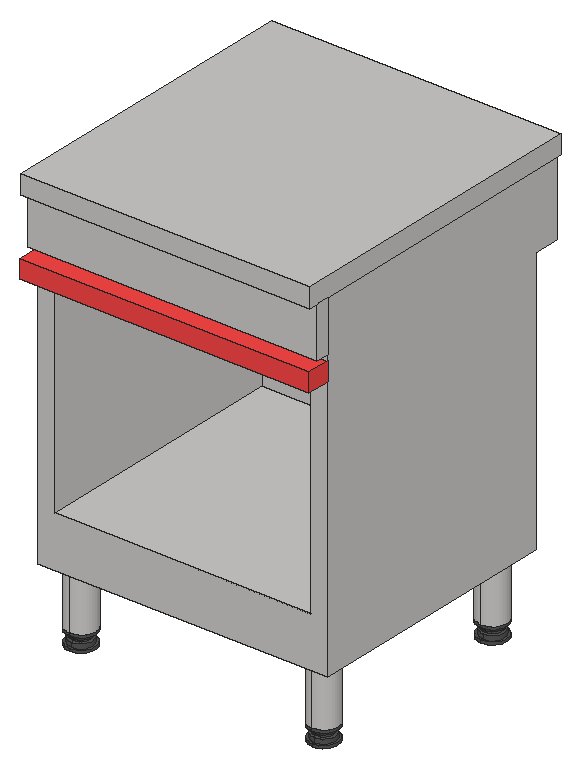
Revit family "ADB Storage cabinet CMA 600 P", category Equipement spécialisé, Revit 2022
Family settings
  Cote de connecteur circulaire = Utiliser le diamètre
  Type d'élément = Normal
  Numéro OmniClass = 23.40.40.14.17.11
  Titre OmniClass = Cookers, Ovens, Stoves
  Basée sur le plan de construction = Non
  Toujours verticalement = Oui
  Couper avec des vides une fois chargée = Non
  Conserver l'orientation des annotations = Non
  Partagée = Non
  Repère de localisation dans la pièce = Non
Parameters (values of type "CMA 600 P")
  URL Cutsheet = "https://www.ambassade-de-bourgogne.com/fr/produits/armoires/Resources/N26-CMA_600_P.pdf"
  URL = "https://www.ambassade-de-bourgogne.com/fr/produits/armoires/Resources/N26-CMA_600_P.pdf"
  Item Number = ""
  Specification by Manufacturer = ""
  Door hinges inversion option [instance] = no
  Depth [instance] = 652 mm + if([Wall-spacer DSA 600], 50 mm, 0 mm) + if(Door option CPM 600, 53 mm, 0 mm)  # 652 mm
  Door option CPM 600 [instance] = no
  Weight [instance] = 55.00 kg + if([Wall-spacer DSA 600], 1.00 kg, 0.00 kg) + if(Door option CPM 600, 5.00 kg, 0.00 kg)  # 55.00 kg
  Modèle = "CMA 600 P"
  Length [instance] = 600 mm  # constant formula
  Height [instance] = 900 mm + if([Wall-spacer DSA 600], 100 mm, 0 mm)  # 900 mm
  Fabricant = "Société Industrielle de Lacanche"  # constant formula
  Elévation par défaut = 0 mm
  Shelves ECH 400 [instance] = no
  Wall-spacer DSA 600 [instance] = no
  Dosseret [instance] = if([Wall-spacer DSA 600], 50 mm, 0 mm)  # 0 mm
  Description = "Storage cabinet"
  Connectors [instance] = yes
  Commentaires du type = "Ambassade range - Cupboards - Storage cabinet"
Reference planes
  plane 1 "Centre (avant/arrière)": y = 0
  plane 2: z = 0
  plane 3 "Centre (gauche/droite)": x = 0
  plane 4 "gauche": x = -300
  plane 5 "droite": x = 300
  plane 6 "fond de meuble": y = 325
  plane 7 "avant": y = -325
  plane 8 "arrière": y = 325
  plane 9: z = 900
  plane 10: y = -327
Forms (mm)
  Extrusion 1, solid, detail levels coarse
    sketch origin (0, 0, 0) x (1, 0, 0) y (0, 1, 0)
      loop
        line (-300, 325.033) -> (-300, -327) -> (300, -327) -> (300, 325.033) -> (-300, 325.033)
    from 0 to 900 <- "Height"
Dimensions and locks
  equal spacing: plane 5 "droite", plane 3 "Centre (gauche/droite)", plane 4 "gauche"
  "Length": plane 5 "droite" to plane 4 "gauche"
  plane 6 "fond de meuble" to plane 7 "avant" = 650 mm
  locked: plane 7 "avant" to plane 1 "Centre (avant/arrière)" at 325
  "Dosseret": plane 8 "arrière" to plane 6 "fond de meuble"
  "Height": plane 9 to plane 2
  "Depth": plane 8 "arrière" to plane 10
  aligned and locked: level to plane 2
  aligned and locked: plane 3 "Centre (gauche/droite)" to nested 1
  aligned and locked: Extrusion 1 to plane 10
Automatic sketch dimensions
  Extrusion 1 sketch curve to plane 4 "gauche" = 0 mm
  Extrusion 1 sketch curve to plane 5 "droite" = 0 mm
  Extrusion 1 sketch curve to plane 7 "avant" = 2 mm
  plane 8 "arrière" to Extrusion 1 sketch curve = 0.033 mm
Nested families
  nested 1: "Soubassement armoire" at (0, 0, 0), Dosseret <- "Wall-spacer DSA 600", Porte <- "Door option CPM 600", Door hinges inversion option <- "Door hinges inversion option", Echelle <- "Shelves ECH 400", type "1 armoire", detail levels medium+fine
    with Depth 703 mm, Door hinges inversion option no, Porte no, Length 600 mm, Height 900 mm, Encombrement Porte standard no, Encombrement Porte inversée no, Echelle no, Décalage poignée 233.5 mm, Dosseret no
Definition of nested family "Soubassement armoire"
  Parameters (values of type "1 armoire")
    Profondeur produit = 650 mm
    Profondeur baie libre = if(Baie libre, Profondeur produit - 68 mm, 1 mm)  # 582 mm
    Door hinges inversion option [instance] = no
    Longueur poignée = 229 mm  # constant formula
    Encombrement Porte inversée [instance] = and(Porte, Door hinges inversion option)  # no
    Encombrement Porte standard [instance] = and(Porte, not(Door hinges inversion option))  # no
    Porte [instance] = no
    Depth [instance] = Profondeur produit + if(Dosseret, 50 mm, 0 mm) + 53 mm  # 703 mm
    Longueur produit = 600 mm
    Length [instance] = Longueur produit  # 600 mm
    Hauteur produit = 900 mm
    Height [instance] = Hauteur produit + if(Dosseret, 100 mm, 0 mm)  # 900 mm
    Default Elevation = 0 mm
    Echelle [instance] = no
    Décalage poignée [instance] = if(Door hinges inversion option, Length, 233.5 mm)  # 233.5 mm
    Dosseret [instance] = no
    Baie libre = yes
  Reference planes
    plane 1 "Centre (avant/arrière)": y = 0
    plane 2: z = 0
    plane 3 "Centre (gauche/droite)": x = 0
    plane 4 "Gauche": x = -300
    plane 5 "Arrière": y = 325
    plane 6 "Droite": x = 300
    plane 7 "Avant": y = -325
    plane 8 "dessous meuble": z = 155
    plane 9 "Dessus de plan": z = 900
    plane 10 "Baguette coloré": z = 696
    plane 11 "dessous plan": z = 860
    plane 12 "Face": y = -280
    plane 13 "commande": z = 755
    plane 14 "dessus dosseret": z = 900
    plane 15: y = -377.967
    plane 16: y = 325.033
    plane 17 "Baguette colorë": y = -780
    plane 18: x = -66.5
  Forms (mm)
    Extrusion 1, solid, visible <- "Porte", detail levels medium+fine
      sketch origin (-300, 0, 0) x (0, 1, 0) y (0, 0, 1)
        loop
          line (-325, 155) -> (-280, 155) -> (-280, 696) -> (-325, 696) -> (-325, 155)
      from 0 to 600 <- "Length"
    Extrusion 2, solid, detail levels medium+fine
      sketch origin (-300, 0, 0) x (0, 1, 0) y (0, 0, 1)
        loop
          line (-280, 742.5) -> (-327, 742.5) -> (-327, 705) -> (-280, 705) -> (-280, 742.5)
      from 0 to 600 <- "Length"
    Extrusion 3, solid, detail levels medium+fine
      sketch origin (-300, 0, 0) x (0, 1, 0) y (0, 0, 1)
        loop
          line (325, 900) -> (-325, 900) -> (-325, 860) -> (325, 860) -> (325, 900)
      from 0 to 600 <- "Length"
    Extrusion 4, void
      sketch origin (0, -325, 0) x (-1, 0, 0) y (0, 0, 1)
        loop
          line (266, 679) -> (-266, 679) -> (-266, 261.5) -> (266, 261.5) -> (266, 679)
      from 0 to 582 <- "Profondeur baie libre"
    Extrusion 5, solid, detail levels medium+fine
      sketch origin (-300, 0, 0) x (0, 1, 0) y (0, 0, 1)
        loop
          line (-280, 860) -> (-306, 860) -> (-306, 755) -> (-280, 755) -> (-280, 860)
      from 0 to 600 <- "Length"
    Extrusion 6, solid, detail levels medium+fine
      sketch origin (-300, 0, 0) x (0, 1, 0) y (0, 0, 1)
        loop
          line (315, 860) -> (-280, 860) -> (-280, 155) -> (260, 155) -> (260, 707) -> (315, 707) -> (315, 860)
      from 0 to 600 <- "Length"
    Revolve 7, solid, detail levels medium+fine
      sketch origin (251.965, 0, 0) x (0, 1, 0) y (0, 0, -1)
        loop
          line (-258.968, -155) -> (-229, -155) -> (-229, 0) -> (-258.492, 0) -> (-258.492, -5) -> (-253.001, -5) -> (-253.001, -13.586) -> (-248.857, -16.488) -> (-248.857, -22) -> (-252.82, -22) -> (-258.968, -28.148) -> (-258.968, -34) -> (-258.968, -155)
        axis (-229, 0) -> (-229, -155)
      angle from 0 to 360
    Revolve 8, solid, detail levels medium+fine
      sketch origin (-251.965, 0, 0) x (0, 1, 0) y (0, 0, 1)
        loop
          line (-258.968, 155) -> (-258.968, 34) -> (-258.968, 28.148) -> (-252.82, 22) -> (-248.857, 22) -> (-248.857, 16.488) -> (-253.001, 13.586) -> (-253.001, 5) -> (-258.492, 5) -> (-258.492, 0) -> (-229, 0) -> (-229, 155) -> (-258.968, 155)
        axis (-229, 0) -> (-229, 155)
      angle from 0 to 360
    Revolve 9, solid, detail levels medium+fine
      sketch origin (-251.965, -20, 0) x (0, -1, 0) y (0, 0, -1)
        loop
          line (-258.968, -155) -> (-229, -155) -> (-229, 0) -> (-258.492, 0) -> (-258.492, -5) -> (-253.001, -5) -> (-253.001, -13.586) -> (-248.857, -16.488) -> (-248.857, -22) -> (-252.82, -22) -> (-258.968, -28.148) -> (-258.968, -34) -> (-258.968, -155)
        axis (-229, 0) -> (-229, -155)
      angle from 0 to 360
    Extrusion 10, solid, visible <- "Dosseret", detail levels medium+fine
      sketch origin (-300, 0, 0) x (0, 1, 0) y (0, 0, 1)
        loop
          line (375.033, 1000) -> (325, 1000) -> (325, 860) -> (375.033, 860) -> (375.033, 1000)
      from 0 to 600 <- "Length"
    Revolve 11, solid, detail levels medium+fine
      sketch origin (251.965, -20, 0) x (0, -1, 0) y (0, 0, 1)
        loop
          line (-258.968, 155) -> (-258.968, 34) -> (-258.968, 28.148) -> (-252.82, 22) -> (-248.857, 22) -> (-248.857, 16.488) -> (-253.001, 13.586) -> (-253.001, 5) -> (-258.492, 5) -> (-258.492, 0) -> (-229, 0) -> (-229, 155) -> (-258.968, 155)
        axis (-229, 0) -> (-229, 155)
      angle from 0 to 360
    Extrusion 12, void
      sketch origin (0, 0, 900) x (0, -1, 0) y (1, 0, 0)
        loop
          line (-307.033, -266.567) -> (-293.033, -266.567) -> (-293.033, 266.464) -> (-307.033, 266.464) -> (-307.033, -266.567)
      from 0 to -0.8
    Extrusion 13, solid, detail levels medium+fine
      sketch origin (-300, 260, 155) x (0, 0, 1) y (1, 0, 0)
        loop
          line (65, 454) -> (65, 146) -> (552, 146) -> (552, 454) -> (65, 454)
      from 0 to 35
    Extrusion 14, solid, visible <- "Echelle"
      sketch origin (0, 0, 0) x (1, 0, 0) y (0, 0, 1)
        loop
          line (-266, 648.8) -> (-266, 623.8) -> (-256.5, 623.8) -> (-256.5, 625) -> (-264.8, 625) -> (-264.8, 647.6) -> (-248, 647.6) -> (-248, 648.8) -> (-266, 648.8)
        loop
          line (-266, 548.8) -> (-266, 523.8) -> (-256.5, 523.8) -> (-256.5, 525) -> (-264.8, 525) -> (-264.8, 547.6) -> (-248, 547.6) -> (-248, 548.8) -> (-266, 548.8)
        loop
          line (-266, 448.8) -> (-266, 423.8) -> (-256.5, 423.8) -> (-256.5, 425) -> (-264.8, 425) -> (-264.8, 447.6) -> (-248, 447.6) -> (-248, 448.8) -> (-266, 448.8)
        loop
          line (-266, 348.8) -> (-266, 323.8) -> (-256.5, 323.8) -> (-256.5, 325) -> (-264.8, 325) -> (-264.8, 347.6) -> (-248, 347.6) -> (-248, 348.8) -> (-266, 348.8)
      from -113.466 to 206.5
    Extrusion 15, solid, visible <- "Echelle"
      sketch origin (0, 0, 0) x (-1, 0, 0) y (0, 0, -1)
        loop
          line (-266, -648.8) -> (-248, -648.8) -> (-248, -647.6) -> (-264.8, -647.6) -> (-264.8, -625) -> (-256.5, -625) -> (-256.5, -623.8) -> (-266, -623.8) -> (-266, -648.8)
        loop
          line (-266, -548.8) -> (-248, -548.8) -> (-248, -547.6) -> (-264.8, -547.6) -> (-264.8, -525) -> (-256.5, -525) -> (-256.5, -523.8) -> (-266, -523.8) -> (-266, -548.8)
        loop
          line (-266, -448.8) -> (-248, -448.8) -> (-248, -447.6) -> (-264.8, -447.6) -> (-264.8, -425) -> (-256.5, -425) -> (-256.5, -423.8) -> (-266, -423.8) -> (-266, -448.8)
        loop
          line (-266, -348.8) -> (-248, -348.8) -> (-248, -347.6) -> (-264.8, -347.6) -> (-264.8, -325) -> (-256.5, -325) -> (-256.5, -323.8) -> (-266, -323.8) -> (-266, -348.8)
      from -113.466 to 206.5
  Cuts and joins
    Extrusion 4 cuts Extrusion 6
    Extrusion 12 cuts Extrusion 10
  Lines and regions (mm)
    symbolic lines, visible <- "Encombrement Porte standard"
      curve 1: line (300, -280, 155) -> (300, -880, 155)
      curve 4: arc (-300, -280, 155) -> (-124.264, -704.264, 155) -> (300, -880, 155) r 600
    symbolic lines, visible <- "Encombrement Porte inversée"
      curve 2: line (-300, -280, 155) -> (-300, -880, 155)
      curve 3: arc (300, -280, 155) -> (124.264, -704.264, 155) -> (-300, -880, 155) r 600
  Dimensions and locks
    equal spacing: plane 7 "Avant", plane 1 "Centre (avant/arrière)", plane 5 "Arrière"
    "Profondeur produit": plane 5 "Arrière" to plane 7 "Avant"
    equal spacing: plane 4 "Gauche", plane 3 "Centre (gauche/droite)", plane 6 "Droite"
    "Longueur produit": plane 4 "Gauche" to plane 6 "Droite"
    "Hauteur produit": plane 9 "Dessus de plan" to plane 2
    locked: plane 8 "dessous meuble" to plane 2 at 155
    locked: plane 9 "Dessus de plan" to plane 11 "dessous plan" at 40
    locked: plane 7 "Avant" to plane 12 "Face" at 45
    locked: plane 13 "commande" to plane 10 "Baguette coloré" at 59
    locked: plane 11 "dessous plan" to plane 13 "commande" at 105
    Extrusion 4 sketch curve to plane 8 "dessous meuble" = 106.5 mm
    Extrusion 4 sketch curve to plane 6 "Droite" = 34 mm
    Extrusion 4 sketch curve to plane 4 "Gauche" = 34 mm
    plane 10 "Baguette coloré" to Extrusion 4 sketch curve = 17 mm
    "Height": plane 14 "dessus dosseret" to plane 2
    locked: plane 7 "Avant" to plane 15 at 52.967
    "Depth": plane 15 to plane 16
    equal spacing: Extrusion 13 sketch curve, plane 3 "Centre (gauche/droite)", Extrusion 13 sketch curve
    "Décalage poignée": plane 18 to plane 4 "Gauche"
    locked: plane 4 "Gauche" to Revolve 9 at 18.067
    locked: Revolve 11 to plane 6 "Droite" at 18.067
    locked: Revolve 7 to plane 6 "Droite" at 18.067
    locked: plane 4 "Gauche" to Revolve 8 at 18.067
    locked: Revolve 8 to plane 12 "Face" at 21.032
    locked: Revolve 7 to plane 12 "Face" at 21.032
    locked: plane 5 "Arrière" to Extrusion 10 sketch curve at 50.033
    plane 16 to Extrusion 12 sketch curve to Extrusion 12 sketch curve = 18 mm locked, 14 mm locked
    aligned and locked: level to plane 2
    aligned and locked: plane 18 to nested 1
  Automatic sketch dimensions
    Extrusion 1 sketch curve to plane 7 "Avant" = 0 mm
    Extrusion 1 sketch curve to plane 10 "Baguette coloré" = 0 mm
    Extrusion 1 sketch curve to plane 12 "Face" = 0 mm
    Extrusion 1 sketch curve to plane 8 "dessous meuble" = 0 mm
    Extrusion 2 sketch curve to plane 12 "Face" = 0 mm
    Extrusion 2 sketch curve to plane 7 "Avant" = 2 mm
    plane 10 "Baguette coloré" to Extrusion 2 sketch curve = 9 mm
    Extrusion 2 sketch curve to plane 13 "commande" = 12.5 mm
    Extrusion 3 sketch curve to plane 7 "Avant" = 0 mm
    Extrusion 3 sketch curve to plane 5 "Arrière" = 0 mm
    Extrusion 3 sketch curve to plane 11 "dessous plan" = 0 mm
    Extrusion 3 sketch curve to plane 9 "Dessus de plan" = 0 mm
    Extrusion 5 sketch curve to plane 11 "dessous plan" = 0 mm
    Extrusion 5 sketch curve to plane 13 "commande" = 0 mm
    Extrusion 5 sketch curve to plane 12 "Face" = 0 mm
    plane 7 "Avant" to Extrusion 5 sketch curve = 19 mm
    Extrusion 6 sketch curve to plane 11 "dessous plan" = 0 mm
    Extrusion 6 sketch curve to plane 12 "Face" = 0 mm
    Extrusion 6 sketch curve to plane 8 "dessous meuble" = 0 mm
    Extrusion 6 sketch curve to plane 5 "Arrière" = 65 mm
    Extrusion 6 sketch curve to plane 5 "Arrière" = 10 mm
    plane 10 "Baguette coloré" to Extrusion 6 sketch curve = 11 mm
    Revolve 7 sketch curve to plane 8 "dessous meuble" = 0 mm
    Revolve 7 sketch curve to level = 0 mm
    plane 12 "Face" to Revolve 7 sketch curve = 21.032 mm
    plane 12 "Face" to Revolve 7 sketch curve = 21.508 mm
    Revolve 7 sketch curve to Revolve 7 sketch curve = 5.491 mm
    Revolve 7 sketch curve to Revolve 7 sketch curve = 0.181 mm
    Revolve 7 sketch curve to Revolve 7 sketch curve = 3.964 mm
    Revolve 7 sketch curve to Revolve 7 sketch curve = 24.001 mm
    level to Revolve 7 sketch curve = 34 mm
    Revolve 7 sketch curve to Revolve 7 sketch curve = 5.852 mm
    Revolve 7 sketch curve to Revolve 7 sketch curve = 6.148 mm
    Revolve 7 sketch curve to Revolve 7 sketch curve = 5.512 mm
    Revolve 7 sketch curve to Revolve 7 sketch curve = 2.902 mm
    level to Revolve 7 sketch curve = 5 mm
    Revolve 7 sketch curve to Revolve 7 sketch curve = 0 mm
    plane 8 "dessous meuble" to Revolve 7 sketch curve = 19 mm
    Revolve 7 sketch curve to Revolve 7 sketch curve = 12 mm
    Revolve 8 sketch curve to plane 8 "dessous meuble" = 0 mm
    Revolve 8 sketch curve to level = 0 mm
    plane 12 "Face" to Revolve 8 sketch curve = 21.032 mm
    plane 12 "Face" to Revolve 8 sketch curve = 21.508 mm
    Revolve 8 sketch curve to Revolve 8 sketch curve = 5.491 mm
    Revolve 8 sketch curve to Revolve 8 sketch curve = 0.181 mm
    Revolve 8 sketch curve to Revolve 8 sketch curve = 3.964 mm
    Revolve 8 sketch curve to Revolve 8 sketch curve = 24.001 mm
    level to Revolve 8 sketch curve = 5 mm
    Revolve 8 sketch curve to Revolve 8 sketch curve = 8.586 mm
    Revolve 8 sketch curve to Revolve 8 sketch curve = 2.902 mm
    Revolve 8 sketch curve to Revolve 8 sketch curve = 5.512 mm
    Revolve 8 sketch curve to Revolve 8 sketch curve = 6.148 mm
    Revolve 8 sketch curve to Revolve 8 sketch curve = 5.852 mm
    Revolve 8 sketch curve to Revolve 8 sketch curve = 0 mm
    Revolve 8 sketch curve to Revolve 8 sketch curve = 12 mm
    plane 8 "dessous meuble" to Revolve 8 sketch curve = 19 mm
    Revolve 9 sketch curve to plane 8 "dessous meuble" = 0 mm
    Revolve 9 sketch curve to level = 0 mm
    level to Revolve 9 sketch curve = 28.148 mm
    Revolve 9 sketch curve to plane 5 "Arrière" = 86.032 mm
    Revolve 9 sketch curve to Revolve 9 sketch curve = 0.477 mm
    level to Revolve 9 sketch curve = 13.586 mm
    Revolve 9 sketch curve to Revolve 9 sketch curve = 5.491 mm
    Revolve 9 sketch curve to Revolve 9 sketch curve = 0.181 mm
    Revolve 9 sketch curve to Revolve 9 sketch curve = 3.964 mm
    Revolve 9 sketch curve to Revolve 9 sketch curve = 24.001 mm
    Revolve 9 sketch curve to Revolve 9 sketch curve = 5.852 mm
    Revolve 9 sketch curve to Revolve 9 sketch curve = 8.414 mm
    Revolve 9 sketch curve to Revolve 9 sketch curve = 2.902 mm
    level to Revolve 9 sketch curve = 5 mm
    Revolve 9 sketch curve to Revolve 9 sketch curve = 0 mm
    plane 8 "dessous meuble" to Revolve 9 sketch curve = 19 mm
    Revolve 9 sketch curve to Revolve 9 sketch curve = 12 mm
    Extrusion 10 sketch curve to plane 5 "Arrière" = 0 mm
    Extrusion 10 sketch curve to plane 11 "dessous plan" = 0 mm
    plane 9 "Dessus de plan" to Extrusion 10 sketch curve = 100 mm
    curve 3 to plane 6 "Droite" = 0 mm
    curve 3 to plane 4 "Gauche" = 0 mm
    curve 4 to plane 4 "Gauche" = 0 mm
    curve 4 to plane 12 "Face" = 0 mm
    curve 2 to plane 12 "Face" = 0 mm
    curve 3 to plane 12 "Face" = 0 mm
    Revolve 11 sketch curve to plane 8 "dessous meuble" = 0 mm
    Revolve 11 sketch curve to level = 0 mm
    level to Revolve 11 sketch curve = 28.148 mm
    Revolve 11 sketch curve to plane 5 "Arrière" = 86.032 mm
    Revolve 11 sketch curve to Revolve 11 sketch curve = 0.477 mm
    level to Revolve 11 sketch curve = 13.586 mm
    Revolve 11 sketch curve to Revolve 11 sketch curve = 5.491 mm
    Revolve 11 sketch curve to Revolve 11 sketch curve = 0.181 mm
    Revolve 11 sketch curve to Revolve 11 sketch curve = 3.964 mm
    Revolve 11 sketch curve to Revolve 11 sketch curve = 24.001 mm
    level to Revolve 11 sketch curve = 5 mm
    Revolve 11 sketch curve to Revolve 11 sketch curve = 2.902 mm
    Revolve 11 sketch curve to Revolve 11 sketch curve = 5.512 mm
    Revolve 11 sketch curve to Revolve 11 sketch curve = 5.852 mm
    Revolve 11 sketch curve to Revolve 11 sketch curve = 0 mm
    Revolve 11 sketch curve to Revolve 11 sketch curve = 12 mm
    plane 8 "dessous meuble" to Revolve 11 sketch curve = 19 mm
    plane 4 "Gauche" to Extrusion 12 sketch curve = 33.433 mm
    plane 6 "Droite" to Extrusion 12 sketch curve = 33.536 mm
    Extrusion 13 sketch curve to Extrusion 6 = 0 mm
    Extrusion 6 to Extrusion 13 sketch curve = 65 mm
    Extrusion 6 to Extrusion 13 sketch curve = 146 mm
    plane 4 "Gauche" to Extrusion 14 sketch curve = 34 mm  (x4)
    Extrusion 14 sketch curve to Extrusion 14 sketch curve = 1.2 mm  (x12)
    Extrusion 14 sketch curve to Extrusion 14 sketch curve = 8.3 mm  (x4)
    Extrusion 14 sketch curve to Extrusion 14 sketch curve = 16.8 mm  (x4)
    plane 8 "dessous meuble" to Extrusion 14 sketch curve = 168.8 mm
    Extrusion 14 sketch curve to Extrusion 14 sketch curve = 22.6 mm  (x4)
    Extrusion 14 sketch curve to Extrusion 14 sketch curve = 75 mm  (x2)
    Extrusion 14 sketch curve to plane 10 "Baguette coloré" = 72.2 mm
    plane 6 "Droite" to Extrusion 15 sketch curve = 34 mm  (x4)
    Extrusion 15 sketch curve to Extrusion 15 sketch curve = 1.2 mm  (x12)
    Extrusion 15 sketch curve to Extrusion 15 sketch curve = 8.3 mm  (x4)
    Extrusion 15 sketch curve to Extrusion 15 sketch curve = 16.8 mm  (x4)
    Extrusion 15 sketch curve to plane 10 "Baguette coloré" = 47.2 mm
    Extrusion 15 sketch curve to Extrusion 15 sketch curve = 22.6 mm  (x4)
    Extrusion 15 sketch curve to Extrusion 15 sketch curve = 75 mm  (x3)
    curve 1 to plane 6 "Droite" = 0 mm
    curve 1 to plane 12 "Face" = 0 mm
  Nested families
    nested 1: "Poignée" at (-181, -325, 681.933) x (1, 0, 0) z (0, -1, 0), visible <- "Porte", Longueur <- "Longueur poignée", type "Poignée", detail levels fine
      with Longueur 229 mm
  Definition of nested family "Poignée"
    Parameters (values of type "Poignée")
      Longueur [instance] = 800 mm
      Default Elevation = 1219.2 mm
    Reference planes
      plane 1 "Centre (avant/arrière)": y = 0
      plane 2: z = 0
      plane 3 "Centre (gauche/droite)": x = 0
      plane 4: x = -400
      plane 5: x = 400
      plane 6: x = -395
      plane 7: x = 395
    Forms (mm)
      Extrusion 1, solid
        sketch origin (0, 0, 0) x (1, 0, 0) y (0, 1, 0)
          loop
            line (-1219.2, 1219.2) -> (-1219.2, -1219.2) -> (1219.2, -1219.2) -> (1219.2, 1219.2) -> (-1219.2, 1219.2)
        from 0 to -304.8
      Extrusion 2, solid
        sketch origin (0, 0, 0) x (0, 1, 0) y (0, 0, 1)
          loop
            circle (0, 38.995) r 13.972
        from -395 to 395
      Extrusion 3, solid
        sketch origin (0, 0, 0) x (1, 0, 0) y (0, 1, 0)
          loop
            circle (-363.542, 0) r 8.5
          loop
            circle (363.453, 0) r 8.5
        from 0 to 37.089
    Cuts and joins
      joined: Extrusion 2, Extrusion 3
    Dimensions and locks
      equal spacing: plane 4, plane 3 "Centre (gauche/droite)", plane 5
      "Longueur": plane 4 to plane 5
      locked: plane 4 to plane 6 at 5
      locked: plane 7 to plane 5 at 5
      locked: plane 6 to Extrusion 3 sketch curve at 31.458
      locked: Extrusion 3 sketch curve to plane 7 at 31.547
      aligned and locked: plane 2 to Extrusion 1
      aligned and locked: level to Extrusion 1
      aligned and locked: plane 6 to Extrusion 2
      aligned and locked: Extrusion 2 to plane 7
      aligned and locked: plane 1 "Centre (avant/arrière)" to Extrusion 3 sketch curve
    Automatic sketch dimensions
      Extrusion 1 sketch curve to Extrusion 1 sketch curve = 2438.4 mm  (x2)
      Extrusion 2 sketch curve to plane 1 "Centre (avant/arrière)" = 0 mm
      level to Extrusion 2 sketch curve = 38.995 mm
      plane 1 "Centre (avant/arrière)" to Extrusion 3 sketch curve = 0 mm
      radius of Extrusion 2 sketch curve = 13.972 mm
      radius of Extrusion 3 sketch curve = 8.5 mm  (x2)
